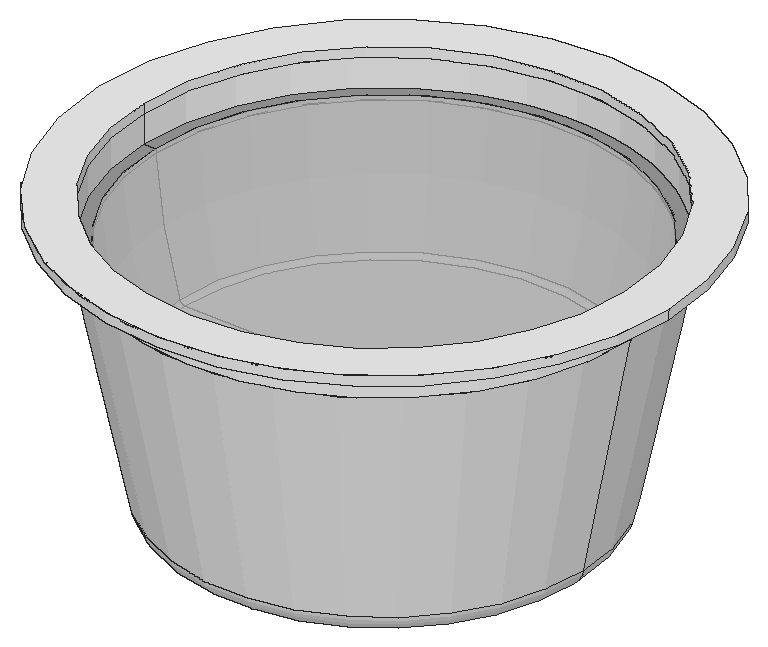
Revit family "2059215 Lighting Fixture_Sylvania_Ascent 100 Deco(160)-Very High Output_Ceiling Recessed", category Lighting Fixtures, host Face, Revit 2017
Family settings
  Host = Face
  Round Connector Dimension = Use Diameter
  Part Type = Normal
  OmniClass Number = 23.80.70.11.17
  OmniClass Title = Specialized Lighting by Location or Use
  Cut with Voids When Loaded = No
  Light Source = Yes
  Shared = No
  Room Calculation Point = No
Parameters (values of type "Asct100 Deco VHO 3K DALI 160")
  Reflector Radius = Radius - 14.5 mm  # 80.0 mm
  Reflector Material = Aluminium_Sylvania_Ascent_Silver
  Radius = 94.5 mm
  Life = "50 000h"  # constant formula
  IP Rating = "IP44"  # constant formula
  IK Rating = "IK02"  # constant formula
  Height = 94.0 mm
  Wattage = 21.2622 W
  built-in parameter 1150110 = 1 (stored number, unit not read)
  Voltage Comments = "UNV (Universal Voltage; 220-240 Volt)"  # constant formula
  Voltage = 240 V  # constant formula
  URL = "https://www.sylvania-lighting.com/"
  built-in parameter 1114217 = 1 (stored number, unit not read)
  Tilt Angle = -90°
  built-in parameter 1150109 = 1 (stored number, unit not read)
  built-in parameter 1150134 = (empty or 0)
  built-in parameter 1150113 = 1 (stored number, unit not read)
  Product Page URL = "https://www.sylvania-lighting.com/product/en-int/products/2059215"
  Product Family = "Ascent 100 Deco (160) - Very High Output"  # constant formula
  Photometry Comments = ""
  Photometric Web File = "2059215_Asct100DecoVHO3KDALI160-190144.ies"
  Glow Wire Test = 850 °C
  Emit from Circle Diameter = 2 * Diffuser Radius  # 152.0 mm
  Emit Shape Visible in Rendering = no
  Drive Current = "1000mA"  # constant formula
  Diffuser Radius = Reflector Radius - 4.0 mm  # 76.0 mm
  Diffuser Material = Polycarbonate_Sylvania_Ascent_Clear
  Diameter = 2 * Radius  # 189.0 mm
  Cutout Diameter = Diameter - 11.0 mm  # 178.0 mm
  built-in parameter 1114216 [instance] = 1 (stored number, unit not read)
  Model = "Asct100 Deco VHO 3K DALI 160"
  Manufacturer = "Feilo-Sylvania Group"
  built-in parameter 1150105 = 1076.3 (stored number, unit not read)
  Lumens = 2291 lm
  built-in parameter 1150115 = 1 (stored number, unit not read)
  built-in parameter 1150137 = (empty or 0)
  built-in parameter 1150139 = (empty or 0)
  built-in parameter 1150112 = 1 (stored number, unit not read)
  built-in parameter 1150114 = 1 (stored number, unit not read)
  Lamp = "Integrated LED"
  built-in parameter 1150132 = 2
  built-in parameter 1150102 = (empty or 0)
  built-in parameter 1150107 = 3000 (stored number, unit not read)
  built-in parameter 1150138 = (empty or 0)
  built-in parameter 1150106 = 10.763 (stored number, unit not read)
  Body Material = Aluminum_Sylvania_Ascent_White
  built-in parameter 1150104 = 10.01 (stored number, unit not read)
  Dimming Lamp Color Temperature Shift = <None>
  Description = "Direct LED retro fit for original LED 100 Deco (160) single CFL lamp offering Matching lumen levels and improved light distribution of original LED 100 CFL lamp equivalents Typically half the power consumption compared to CFL Up to 112lm/W 160mm aperture Decorative reflector accepts snap fit polycarbonate accessories from existing LED 100 Deco 160 offering New kometa accessory ring creates a diffused indirect halo of light onto the ceiling for decorative effect HE, HO and VHO versions equivalent of single 1 x 18W, 1 x 32W, 1 x 42W Additional VVHO versions which offer the performance circa 2 x 32W equivalent"  # constant formula
  Default Elevation = 0.0 mm
  Color Filter = 16777215
  Catalog Number = "2059215 Asct100 Deco VHO 3K DALI 160"
  built-in parameter 1140040 [instance] = 1
  built-in parameter 1114218 = 1 (stored number, unit not read)
  built-in parameter 1150133 = 10 (stored number, unit not read)
  Assembly Code = "D5020200"
  Apparent Load Comments = ""
  Apparent Load = 25 VA
  Aperture = 2 * Reflector Radius  # 160.0 mm
Reference planes
  plane 1 "Center (Front/Back)": y = 0
  plane 2: z = 0
  plane 3 "Center (Left/Right)": x = 0
  plane 4 "Fixture Bottom": z = 3
  plane 5: z = -53.5
  plane 6 "Fixture Top": z = -91
  plane 7: z = -9
  plane 8: z = -10.5
Forms (mm)
  Extrusion 1, solid, material "Aluminum_Sylvania_Ascent_White" <- "Body Material", detail levels fine
    sketch origin (0, 0, 0) x (1, 0, 0) y (0, 1, 0)
      loop
        circle (0, 0) r 94.5
      loop
        circle (0, 0) r 80
    from 0 to 3
  Extrusion 2, void
    sketch origin (0, 0, 0) x (1, 0, 0) y (0, 1, 0)
      loop
        circle (0, 0) r 89
    from -91 to 3
  Revolve 3, solid, material "Aluminum_Sylvania_Ascent_White" <- "Body Material", detail levels fine
    sketch origin (0, 0, 0) x (1, 0, 0) y (0, 0, 1)
      loop
        line (0, -89) -> (-58.456, -89)
        arc (-58.456, -89) -> (-62.232, -87.663) -> (-64.324, -84.247) r 6
        line (-64.324, -84.247) -> (-80, -10.5) -> (-80, 0) -> (-82.009, 0) -> (-82.009, -10.5) -> (-66.245, -84.663)
        arc (-66.245, -84.663) -> (-63.454, -89.217) -> (-58.42, -91) r 8
        line (-58.42, -91) -> (0, -91) -> (0, -89)
      axis (0, 0) -> (0, -91)
    angle from 0 to 360
  Revolve 4, solid, material "Aluminium_Sylvania_Ascent_Silver" <- "Reflector Material", detail levels fine
    sketch origin (0, 0, 0) x (1, 0, 0) y (0, 0, 1)
      loop
        line (-80, -9) -> (-80, -10.5) -> (-77, -10.5)
        arc (-77, -10.5) -> (-74.319, -31.239) -> (-68.971, -51.454) r 160.868
        arc (-68.971, -51.454) -> (-67.878, -52.935) -> (-66.127, -53.5) r 3
        line (-66.127, -53.5) -> (-58, -53.5)
        arc (-58, -53.5) -> (-56.855, -62.037) -> (-53.5, -69.971) r 32.394
        line (-53.5, -69.971) -> (0, -69.971) -> (0, -52.5) -> (-66.127, -52.5)
        arc (-66.127, -52.5) -> (-67.294, -52.124) -> (-68.023, -51.136) r 2
        arc (-68.023, -51.136) -> (-73.335, -31.062) -> (-76, -10.468) r 159.868
        line (-76, -10.468) -> (-76, -9) -> (-80, -9)
      axis (0, -9) -> (0, -69.971)
    angle from 0 to 360
  Extrusion 5, solid, material "Polycarbonate_Sylvania_Ascent_Clear" <- "Diffuser Material", detail levels fine
    sketch origin (0, 0, 0) x (1, 0, 0) y (0, 1, 0)
      loop
        circle (0, 0) r 76
    from -10.5 to -9
  Revolve 6, solid, material "Aluminum_Sylvania_Ascent_White" <- "Body Material", detail levels coarse+medium
    sketch origin (0, 0, 0) x (1, 0, 0) y (0, 0, 1)
      loop
        line (0, 3) -> (-94.5, 3) -> (-94.5, 0) -> (-82.009, 0) -> (-82.009, -10.5) -> (-66.245, -84.663)
        arc (-66.245, -84.663) -> (-63.454, -89.217) -> (-58.42, -91) r 8
        line (-58.42, -91) -> (0, -91) -> (0, 3)
      axis (0, 3) -> (0, -91)
    angle from 0 to 360
Cuts and joins
  joined: Extrusion 1, Revolve 3
Dimensions and locks
  plane 4 "Fixture Bottom" to plane 2 to plane 7 to plane 8 to plane 5 = 3.0 mm locked, 9.0 mm locked, 1.5 mm locked, 43.0 mm locked
  "Height": plane 4 "Fixture Bottom" to plane 6 "Fixture Top"
  "Reflector Radius": plane 3 "Center (Left/Right)" to Revolve 4 sketch curve
  "Reflector Radius": plane 3 "Center (Left/Right)" to Revolve 3 sketch curve
  locked: Revolve 3 sketch curve to Revolve 3 sketch curve at 2.009
  Revolve 4 sketch curve to Revolve 4 sketch curve = 4.0 mm
  Revolve 4 sketch curve to Revolve 4 sketch curve = 1.0 mm
  Revolve 4 sketch curve to Revolve 4 sketch curve to Revolve 4 sketch curve to Revolve 4 sketch curve to Revolve 4 sketch curve = 11.029 mm locked, 2.844 mm locked, 8.127 mm locked, 4.5 mm locked
  Revolve 3 sketch curve to Revolve 3 sketch curve to Revolve 3 sketch curve = 13.755 mm locked, 7.825 mm locked
  "Radius": plane 3 "Center (Left/Right)" to Revolve 6 sketch curve
  Revolve 6 sketch curve to Revolve 6 sketch curve to Revolve 6 sketch curve = 7.825 mm locked, 28.255 mm locked
  "Cutout Diameter": diameter of Extrusion 2 sketch curve
  "Reflector Radius": radius of Extrusion 1 sketch curve
  "Diffuser Radius": radius of Extrusion 5 sketch curve
  "Radius": radius of Extrusion 1 sketch curve
  aligned and locked: host face to plane 2
  aligned and locked: host face to level
  aligned and locked: plane 1 "Center (Front/Back)" to imposter light
  aligned and locked: plane 3 "Center (Left/Right)" to imposter light
  aligned and locked: plane 4 "Fixture Bottom" to Extrusion 1
  aligned and locked: Extrusion 1 to plane 2
  aligned and locked: Revolve 3 sketch curve to plane 3 "Center (Left/Right)"  (x2)
  aligned and locked: Revolve 4 sketch curve to plane 3 "Center (Left/Right)"  (x2)
  aligned and locked: plane 2 to Revolve 3 sketch curve
  aligned and locked: plane 6 "Fixture Top" to Extrusion 2
  aligned and locked: Revolve 3 sketch curve to plane 2
  aligned and locked: plane 8 to Revolve 3 sketch curve  (x2)
  aligned and locked: plane 7 to Revolve 4 sketch curve
  aligned and locked: Revolve 4 sketch curve to plane 8
  aligned and locked: imposter light to Extrusion 2
  aligned and locked: plane 7 to Extrusion 5
  aligned and locked: Extrusion 5 to plane 8
  aligned and locked: imposter light to plane 4 "Fixture Bottom"
  aligned and locked: Revolve 3 sketch curve to plane 6 "Fixture Top"
  aligned and locked: Revolve 6 sketch curve to plane 4 "Fixture Bottom"
Automatic sketch dimensions
  plane 1 "Center (Front/Back)" to Extrusion 2 sketch curve = 0.0 mm
  Extrusion 2 sketch curve to plane 3 "Center (Left/Right)" = 0.0 mm
  Extrusion 1 sketch curve to Extrusion 1 sketch curve = 0.0 mm  (x2)
  plane 1 "Center (Front/Back)" to Extrusion 1 sketch curve = 0.0 mm
  Extrusion 1 sketch curve to plane 3 "Center (Left/Right)" = 0.0 mm
  plane 1 "Center (Front/Back)" to Extrusion 5 sketch curve = 0.0 mm
  Extrusion 5 sketch curve to plane 3 "Center (Left/Right)" = 0.0 mm
  host sketch curve to host sketch curve = 1368.192 mm
  host sketch curve to host sketch curve = 1600.367 mm
  Revolve 4 sketch curve to plane 5 = 0.0 mm
  Revolve 4 sketch curve to plane 5 = 16.471 mm
  plane 8 to Revolve 4 sketch curve = 0.032 mm
  Revolve 4 sketch curve to Revolve 4 sketch curve = 0.0 mm  (x5)
  Revolve 4 sketch curve to level = 0.289 mm
  Revolve 4 sketch curve to Revolve 4 sketch curve = 2.387 mm
  plane 4 "Fixture Bottom" to Revolve 4 sketch curve = 9.642 mm
  Revolve 4 sketch curve to Revolve 4 sketch curve = 0.948 mm
  Revolve 3 sketch curve to plane 6 "Fixture Top" = 6.753 mm
  Revolve 3 sketch curve to plane 6 "Fixture Top" = 2.0 mm
  Revolve 3 sketch curve to plane 6 "Fixture Top" = 6.337 mm
  Revolve 3 sketch curve to Revolve 3 sketch curve = 1.921 mm
  Revolve 3 sketch curve to Revolve 3 sketch curve = 0.036 mm
  plane 6 "Fixture Top" to Revolve 3 sketch curve = 33.569 mm
  plane 4 "Fixture Bottom" to Revolve 3 sketch curve = 82.431 mm
  Revolve 6 sketch curve to plane 8 = 0.0 mm
  Revolve 6 sketch curve to plane 6 "Fixture Top" = 0.0 mm
  Revolve 6 sketch curve to plane 6 "Fixture Top" = 6.337 mm
  Revolve 6 sketch curve to plane 3 "Center (Left/Right)" = 0.0 mm
  Revolve 6 sketch curve to Revolve 6 sketch curve = 12.491 mm
  plane 6 "Fixture Top" to Revolve 6 sketch curve = 33.569 mm
  plane 4 "Fixture Bottom" to Revolve 6 sketch curve = 82.431 mm
  plane 3 "Center (Left/Right)" to Revolve 6 sketch curve = 0.0 mm
  Revolve 6 sketch curve to level = 0.0 mm
Connectors
  electrical at (0, 0, -91), driven by "Voltage", driven by "Apparent Load"
    settings: index 1, voltage 240 V, apparent load 0 VA, apparent load phase1 25 VA, apparent load phase2 0 VA, apparent load phase3 0 VA, power factor 1, load classification "Lighting", number of poles 1, system type 31, power factor state 1, is connector primary yes, connector utility no, sub classification motor no, connector description ""
